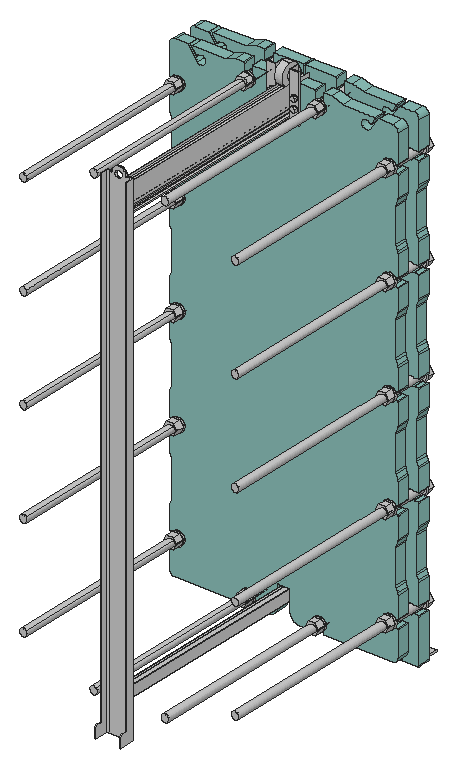
Revit family "Ekin_Endüstriyel - MIT5180", category Specialty Equipment, Revit 2022 (continued)
Automatic sketch dimensions
  Extrusion 36 sketch curve to Extrusion 36 sketch curve = 236.00 mm
  Extrusion 36 sketch curve to Extrusion 36 sketch curve = 52.00 mm  (x2)
  Extrusion 36 sketch curve to Extrusion 36 sketch curve = 149.00 mm  (x2)
  Extrusion 36 sketch curve to Extrusion 36 sketch curve = 20.00 mm  (x3)
  Extrusion 36 sketch curve to Extrusion 36 sketch curve = 27.50 mm  (x10)
  Extrusion 36 sketch curve to Extrusion 36 sketch curve = 85.797 mm
  Extrusion 36 sketch curve to Extrusion 36 sketch curve = 139.703 mm  (x6)
  Extrusion 36 sketch curve to Extrusion 36 sketch curve = 113.297 mm
  Extrusion 36 sketch curve to Extrusion 36 sketch curve = 63.079 mm  (x2)
  Extrusion 36 sketch curve to Extrusion 36 sketch curve = 75.921 mm  (x2)
  Extrusion 37 sketch curve to plane 4 = 565.00 mm
  Extrusion 37 sketch curve to Extrusion 37 sketch curve = 30.00 mm  (x3)
  Extrusion 37 sketch curve to Extrusion 37 sketch curve = 14.00 mm  (x3)
  Extrusion 37 sketch curve to Extrusion 37 sketch curve = 0.00 mm  (x5)
  Extrusion 37 sketch curve to Extrusion 37 sketch curve = 135.00 mm  (x2)
  Extrusion 37 sketch curve to Extrusion 37 sketch curve = 125.05 mm  (x2)
  Extrusion 37 sketch curve to Extrusion 37 sketch curve = 54.95 mm  (x2)
  level to Extrusion 37 sketch curve = 120.00 mm  (x2)
  Extrusion 37 sketch curve to Extrusion 37 sketch curve = 380.00 mm
  Extrusion 37 sketch curve to Extrusion 37 sketch curve = 65.00 mm  (x2)
  Extrusion 37 sketch curve to Extrusion 37 sketch curve = 110.00 mm  (x2)
  Extrusion 37 sketch curve to Extrusion 37 sketch curve = 17.25 mm
  Extrusion 37 sketch curve to Extrusion 37 sketch curve = 16.75 mm  (x2)
  Extrusion 37 sketch curve to Extrusion 37 sketch curve = 155.00 mm  (x3)
  Extrusion 37 sketch curve to Extrusion 37 sketch curve = 60.00 mm
  Extrusion 37 sketch curve to Extrusion 37 sketch curve = 82.00 mm
  Extrusion 37 sketch curve to Extrusion 37 sketch curve = 34.00 mm
  Extrusion 37 sketch curve to plane 4 = 1711.00 mm  (x4)
  Extrusion 37 sketch curve to Extrusion 37 sketch curve = 121.00 mm
  level to Extrusion 37 sketch curve = 105.00 mm  (x2)
  Extrusion 37 sketch curve to Extrusion 37 sketch curve = 156.00 mm  (x2)
  Extrusion 37 sketch curve to Extrusion 37 sketch curve = 530.00 mm  (x8)
  Extrusion 37 sketch curve to Extrusion 37 sketch curve = 19.00 mm
  Extrusion 37 sketch curve to Extrusion 37 sketch curve = 77.20 mm  (x2)
  Extrusion 37 sketch curve to Extrusion 37 sketch curve = 50.00 mm  (x2)
  Extrusion 37 sketch curve to Extrusion 37 sketch curve = 149.00 mm  (x2)
  Extrusion 37 sketch curve to Extrusion 37 sketch curve = 2.80 mm  (x2)
  Extrusion 37 sketch curve to Extrusion 37 sketch curve = 17.80 mm  (x2)
  Extrusion 37 sketch curve to Extrusion 37 sketch curve = 20.00 mm  (x2)
  Extrusion 37 sketch curve to Extrusion 37 sketch curve = 55.00 mm  (x2)
  Extrusion 38 sketch curve to Extrusion 38 sketch curve = 0.00 mm  (x9)
  level to Extrusion 38 sketch curve = 277.50 mm
  Extrusion 38 sketch curve to plane 4 = 662.50 mm
  level to Extrusion 38 sketch curve = 197.50 mm  (x2)
  Extrusion 38 sketch curve to Extrusion 38 sketch curve = 80.00 mm  (x5)
  Extrusion 38 sketch curve to Extrusion 38 sketch curve = 199.50 mm  (x2)
  Extrusion 38 sketch curve to Extrusion 38 sketch curve = 261.481 mm  (x2)
  level to Extrusion 38 sketch curve = 225.791 mm
  level to Extrusion 38 sketch curve = 233.91 mm
  Extrusion 38 sketch curve to Extrusion 38 sketch curve = 8.118 mm  (x3)
  Extrusion 38 sketch curve to Extrusion 38 sketch curve = 9.019 mm  (x2)
  Extrusion 38 sketch curve to Extrusion 38 sketch curve = 7.25 mm  (x4)
  level to Extrusion 38 sketch curve = 210.50 mm
  Extrusion 38 sketch curve to Extrusion 38 sketch curve = 16.849 mm  (x4)
  Extrusion 38 sketch curve to Extrusion 38 sketch curve = 6.803 mm  (x2)
  level to Extrusion 38 sketch curve = 234.401 mm
  Extrusion 38 sketch curve to Extrusion 38 sketch curve = 9.102 mm  (x2)
  level to Extrusion 38 sketch curve = 225.09 mm
  Extrusion 38 sketch curve to Extrusion 38 sketch curve = 6.421 mm  (x2)
  Extrusion 38 sketch curve to Extrusion 38 sketch curve = 262.227 mm  (x2)
  Extrusion 38 sketch curve to Extrusion 38 sketch curve = 119.50 mm  (x2)
  Extrusion 38 sketch curve to Extrusion 38 sketch curve = 5.00 mm  (x2)
  Extrusion 38 sketch curve to Extrusion 38 sketch curve = 8.00 mm  (x4)
  Extrusion 38 sketch curve to Extrusion 38 sketch curve = 10.50 mm  (x3)
  Extrusion 38 sketch curve to Extrusion 38 sketch curve = 122.50 mm  (x4)
  Extrusion 38 sketch curve to Extrusion 38 sketch curve = 1842.00 mm
  Extrusion 38 sketch curve to Extrusion 38 sketch curve = 165.599 mm
  Extrusion 38 sketch curve to Extrusion 38 sketch curve = 0.491 mm
  Extrusion 38 sketch curve to Extrusion 38 sketch curve = 9.311 mm
  Extrusion 38 sketch curve to Extrusion 38 sketch curve = 12.91 mm
  Extrusion 38 sketch curve to Extrusion 38 sketch curve = 34.50 mm  (x2)
  Extrusion 38 sketch curve to Extrusion 38 sketch curve = 165.00 mm  (x2)
  Extrusion 39 sketch curve to Extrusion 39 sketch curve = 0.00 mm  (x23)
  Extrusion 39 sketch curve to level = 0.00 mm
  plane 5 to Extrusion 39 sketch curve = 405.00 mm
  Extrusion 39 sketch curve to Extrusion 39 sketch curve = 44.00 mm  (x4)
  level to Extrusion 39 sketch curve = 45.00 mm  (x2)
  Extrusion 39 sketch curve to Extrusion 39 sketch curve = 90.00 mm
  Extrusion 39 sketch curve to Extrusion 39 sketch curve = 165.00 mm  (x2)
  level to Extrusion 39 sketch curve = 120.00 mm  (x2)
  Extrusion 39 sketch curve to Extrusion 39 sketch curve = 320.00 mm  (x2)
  Extrusion 39 sketch curve to Extrusion 39 sketch curve = 245.00 mm  (x2)
  Extrusion 39 sketch curve to Extrusion 39 sketch curve = 185.00 mm  (x4)
  Extrusion 39 sketch curve to Extrusion 39 sketch curve = 121.00 mm
  Extrusion 39 sketch curve to Extrusion 39 sketch curve = 46.00 mm
  plane 5 to Extrusion 39 sketch curve = 1551.00 mm  (x3)
  level to Extrusion 39 sketch curve = 139.00 mm
  Extrusion 39 sketch curve to Extrusion 39 sketch curve = 60.00 mm  (x2)
  Extrusion 39 sketch curve to Extrusion 39 sketch curve = 216.00 mm  (x2)
  Extrusion 39 sketch curve to Extrusion 39 sketch curve = 530.00 mm  (x8)
  Extrusion 39 sketch curve to Extrusion 39 sketch curve = 97.00 mm
  Extrusion 39 sketch curve to Extrusion 39 sketch curve = 149.00 mm  (x2)
  Extrusion 39 sketch curve to Extrusion 39 sketch curve = 52.00 mm  (x2)
  Extrusion 39 sketch curve to Extrusion 39 sketch curve = 70.00 mm
  Extrusion 39 sketch curve to Extrusion 39 sketch curve = 27.50 mm  (x10)
  plane 5 to Extrusion 40 sketch curve = 1595.00 mm
  plane 5 to Extrusion 40 sketch curve = 1551.00 mm  (x3)
  Extrusion 40 sketch curve to Extrusion 40 sketch curve = 44.00 mm  (x2)
  Extrusion 40 sketch curve to Extrusion 40 sketch curve = 165.00 mm  (x2)
  level to Extrusion 40 sketch curve = 120.00 mm  (x2)
  Extrusion 40 sketch curve to Extrusion 40 sketch curve = 366.00 mm  (x2)
  Extrusion 40 sketch curve to Extrusion 40 sketch curve = 245.00 mm  (x2)
  Extrusion 40 sketch curve to Extrusion 40 sketch curve = 127.25 mm  (x2)
  Extrusion 40 sketch curve to Extrusion 40 sketch curve = 0.00 mm  (x5)
  Extrusion 40 sketch curve to Extrusion 40 sketch curve = 16.75 mm  (x2)
  level to Extrusion 40 sketch curve = 75.00 mm
  Extrusion 40 sketch curve to Extrusion 40 sketch curve = 155.00 mm  (x3)
  Extrusion 40 sketch curve to Extrusion 40 sketch curve = 60.00 mm
  Extrusion 40 sketch curve to Extrusion 40 sketch curve = 82.00 mm
  Extrusion 40 sketch curve to Extrusion 40 sketch curve = 121.00 mm  (x2)
  Extrusion 40 sketch curve to Extrusion 40 sketch curve = 186.00 mm  (x2)
  Extrusion 40 sketch curve to Extrusion 40 sketch curve = 530.00 mm  (x8)
  Extrusion 40 sketch curve to Extrusion 40 sketch curve = 19.00 mm
  Extrusion 40 sketch curve to Extrusion 40 sketch curve = 77.20 mm  (x2)
  Extrusion 40 sketch curve to Extrusion 40 sketch curve = 50.00 mm  (x2)
  Extrusion 40 sketch curve to Extrusion 40 sketch curve = 149.00 mm  (x2)
  Extrusion 40 sketch curve to Extrusion 40 sketch curve = 2.80 mm  (x2)
  Extrusion 40 sketch curve to Extrusion 40 sketch curve = 70.00 mm
  Extrusion 40 sketch curve to Extrusion 40 sketch curve = 72.80 mm
  plane 5 to Extrusion 41 sketch curve = 1497.50 mm
  level to Extrusion 41 sketch curve = 197.50 mm  (x2)
  Extrusion 41 sketch curve to Extrusion 41 sketch curve = 460.981 mm  (x2)
  Extrusion 41 sketch curve to Extrusion 41 sketch curve = 72.292 mm  (x2)
  Extrusion 41 sketch curve to Extrusion 41 sketch curve = 461.727 mm
  Extrusion 41 sketch curve to Extrusion 41 sketch curve = 36.901 mm
  Extrusion 41 sketch curve to Extrusion 41 sketch curve = 2173.69 mm
  Extrusion 41 sketch curve to Extrusion 41 sketch curve = 36.41 mm  (x2)
  Extrusion 42 sketch curve to Extrusion 42 sketch curve = 0.00 mm  (x5)
  level to Extrusion 42 sketch curve = 400.00 mm  (x2)
  plane 5 to Extrusion 42 sketch curve = 702.00 mm  (x2)
  Extrusion 42 sketch curve to Extrusion 42 sketch curve = 596.00 mm
  Extrusion 42 sketch curve to Extrusion 42 sketch curve = 1842.00 mm
  Extrusion 42 sketch curve to Extrusion 42 sketch curve = 115.00 mm  (x8)
  Extrusion 42 sketch curve to Extrusion 42 sketch curve = 199.186 mm  (x3)
  level to Extrusion 42 sketch curve = 200.814 mm  (x2)
  Extrusion 42 sketch curve to Extrusion 42 sketch curve = 481.00 mm
  Extrusion 43 sketch curve to Extrusion 43 sketch curve = 0.00 mm  (x5)
  Extrusion 43 sketch curve to plane 3 "Center (Left/Right)" = 430.00 mm
  plane 3 "Center (Left/Right)" to Extrusion 43 sketch curve = 430.00 mm
  level to Extrusion 43 sketch curve = 2530.00 mm
  Extrusion 43 sketch curve to Extrusion 43 sketch curve = 14.302 mm  (x4)
  Extrusion 43 sketch curve to Extrusion 43 sketch curve = 13.255 mm  (x2)
  Extrusion 44 sketch curve to plane 3 "Center (Left/Right)" = 464.058 mm
  Extrusion 44 sketch curve to Extrusion 44 sketch curve = 16.504 mm  (x3)
  Extrusion 44 sketch curve to Extrusion 44 sketch curve = 17.554 mm  (x3)
  Extrusion 44 sketch curve to Extrusion 44 sketch curve = 34.058 mm  (x4)
  plane 3 "Center (Left/Right)" to Extrusion 44 sketch curve = 395.942 mm
  level to Extrusion 44 sketch curve = 2500.202 mm
  Extrusion 44 sketch curve to Extrusion 44 sketch curve = 0.00 mm
  Extrusion 44 sketch curve to Extrusion 44 sketch curve = 0.606 mm  (x4)
  Extrusion 44 sketch curve to Extrusion 44 sketch curve = 29.192 mm  (x2)
  Extrusion 44 sketch curve to Extrusion 44 sketch curve = 29.798 mm  (x4)
  Extrusion 45 sketch curve to Extrusion 45 sketch curve = 0.00 mm  (x5)
  Extrusion 45 sketch curve to plane 3 "Center (Left/Right)" = 430.00 mm
  plane 3 "Center (Left/Right)" to Extrusion 45 sketch curve = 430.00 mm
  Extrusion 45 sketch curve to Extrusion 45 sketch curve = 32.33 mm  (x4)
  Extrusion 45 sketch curve to Extrusion 45 sketch curve = 13.407 mm  (x2)
  level to Extrusion 45 sketch curve = 2530.00 mm
  Extrusion 46 sketch curve to Extrusion 2 = 0.406 mm  (x2)
  Extrusion 46 sketch curve to Extrusion 2 = 258.058 mm  (x2)
  Extrusion 46 sketch curve to Extrusion 2 = 241.554 mm  (x2)
  Extrusion 46 sketch curve to Extrusion 2 = 240.504 mm  (x2)
  Extrusion 2 to Extrusion 46 sketch curve = 249.496 mm  (x2)
  Extrusion 2 to Extrusion 46 sketch curve = 248.446 mm  (x2)
  Extrusion 2 to Extrusion 46 sketch curve = 0.806 mm  (x2)
  Extrusion 2 to Extrusion 46 sketch curve = 231.942 mm  (x2)
  Extrusion 46 sketch curve to Extrusion 2 = 20.002 mm  (x2)
  Extrusion 46 sketch curve to Extrusion 2 = 20.608 mm  (x2)
  Extrusion 2 to Extrusion 46 sketch curve = 14.192 mm  (x2)
  Extrusion 2 to Extrusion 46 sketch curve = 14.798 mm  (x2)
  Extrusion 47 sketch curve to Extrusion 47 sketch curve = 0.00 mm  (x2)
  Extrusion 47 sketch curve to Extrusion 2 = 1.593 mm  (x2)
  Extrusion 47 sketch curve to Extrusion 2 = 7.607 mm  (x2)
  radius of Extrusion 1 to Extrusion 6 sketch curve = 4.50 mm  (x2)
  radius of Extrusion 2 to Extrusion 14 sketch curve = 7.50 mm  (x14)
  radius of Extrusion 21 sketch curve = 55.00 mm
  radius of Extrusion 21 sketch curve = 25.00 mm
  radius of Extrusion 22 sketch curve = 24.50 mm
  radius of Extrusion 36 sketch curve = 10.50 mm  (x6)
  radius of Extrusion 36 sketch curve = 27.50 mm  (x4)
  radius of Extrusion 36 sketch curve = 25.00 mm  (x2)
  radius of Extrusion 37 sketch curve = 25.00 mm  (x2)
  radius of Extrusion 37 sketch curve = 27.50 mm  (x14)
  radius of Extrusion 37 sketch curve = 10.50 mm  (x4)
  radius of Extrusion 39 sketch curve = 10.50 mm  (x6)
  radius of Extrusion 39 sketch curve = 27.50 mm  (x4)
  radius of Extrusion 39 sketch curve = 25.00 mm  (x2)
  radius of Extrusion 40 sketch curve = 25.00 mm  (x2)
  radius of Extrusion 40 sketch curve = 27.50 mm  (x14)
  radius of Extrusion 40 sketch curve = 10.50 mm  (x4)
  radius of Extrusion 2 to Extrusion 47 sketch curve = 7.50 mm  (x2)
Connectors
  piping at (-298, 37, 2242), diameter 304.8
    settings: on Extrusion 16, index 1, connector inside diameter 609.6 mm, connector length 0.00 mm, flow factor 0, pipe flow 0.0 L/s, pressure drop 0 bar, fitting loss kfactor 0, connector angle 0.00°, fixture units 0, engagement length 0.00 mm, angle of deflection 0.00°, flow configuration 0, flow direction 2, fitting loss method 0, system type 7, joint type 0, gender type 0, connector reference index -1, connector utility 0, adjustable connector no, is connector primary yes, connector description ""
  piping at (298, 37, 2242), diameter 304.8
    settings: on Extrusion 16, index 2, connector inside diameter 609.6 mm, connector length 0.00 mm, flow factor 0, pipe flow 0.0 L/s, pressure drop 0 bar, fitting loss kfactor 0, connector angle 0.00°, fixture units 0, engagement length 0.00 mm, angle of deflection 0.00°, flow configuration 0, flow direction 1, fitting loss method 0, system type 7, joint type 0, gender type 0, connector reference index -1, connector utility 0, adjustable connector no, is connector primary no, connector description ""
  piping at (-298, 37, 400), diameter 304.8
    settings: on Extrusion 16, index 3, connector inside diameter 609.6 mm, connector length 0.00 mm, flow factor 0, pipe flow 0.0 L/s, pressure drop 0 bar, fitting loss kfactor 0, connector angle 0.00°, fixture units 0, engagement length 0.00 mm, angle of deflection 0.00°, flow configuration 0, flow direction 1, fitting loss method 0, system type 7, joint type 0, gender type 0, connector reference index -1, connector utility 0, adjustable connector no, is connector primary no, connector description ""
  piping at (298, 37, 400), diameter 304.8
    settings: on Extrusion 16, index 4, connector inside diameter 609.6 mm, connector length 0.00 mm, flow factor 0, pipe flow 0.0 L/s, pressure drop 0 bar, fitting loss kfactor 0, connector angle 0.00°, fixture units 0, engagement length 0.00 mm, angle of deflection 0.00°, flow configuration 0, flow direction 2, fitting loss method 0, system type 7, joint type 0, gender type 0, connector reference index -1, connector utility 0, adjustable connector no, is connector primary no, connector description ""
